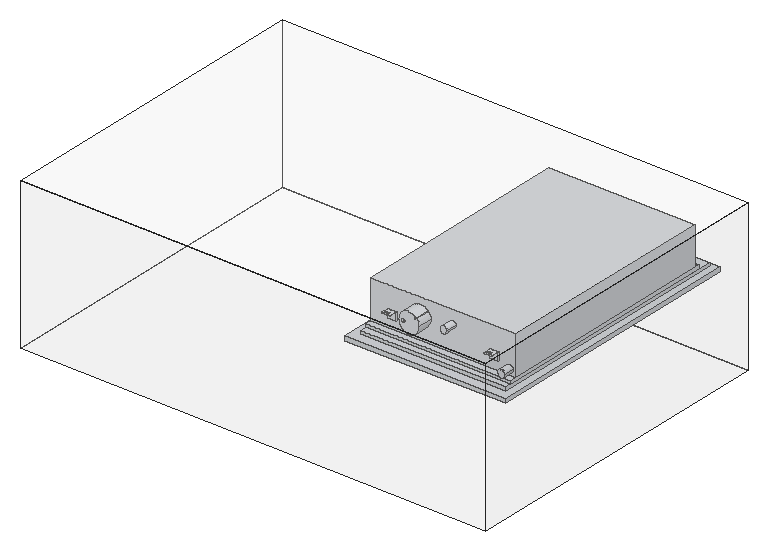
Revit family "pmfy-mp36_80fm_50Hz", category 機械設備, Revit 2019
Family settings
  丸型コネクタ寸法 = 直径を使用
  パーツ タイプ = 標準
  OmniClass 番号 = 23.75.10.24.21.27.27
  OmniClass タイトル = Split System Air Conditioning Units
  作業面ベース = いいえ
  常に垂直 = はい
  ロード時にボイドで切り取り = いいえ
  共有 = いいえ
  部屋計算ポイント = はい
Parameters (values of type "天井1方向_PMFY-MP36FM")
  風量_弱 (㎥/min) = 11
  風量_強 (㎥/min) = 14
  風量_中2 (㎥/min) = 12
  風量_中 (㎥/min) = 13
  風量 = MAX風量  # 840.0 m³/h
  音響パワーレベル_強 (dB) = 53
  音響パワーレベル_弱 (dB) = 47
  音響パワーレベル_中2 (dB) = 49
  音響パワーレベル_中 (dB) = 51
  音響パワーレベル(dB) = [音響パワーレベル_強 (dB)]  # 53
  電源種別 = ""
  電源_H = 60 mm
  電圧 = 200 V
  電動機出力_送風機 = 0.09 kW
  運転質量 = 0.00 kg
  連動 = ""
  質量 = if(製品質量 > 運転質量, 製品質量, 運転質量) * 1.2  # 39.00 kg
  負荷分類 = 3_ファン類
  製品質量_本体 = 26.00 kg
  製品質量_パネル = 6.50 kg
  構成品番 = "PMFY-MP36FM"
  ドレン管径 (外径) = 32.00 mm
  ドレン管径 = 25.00 mm
  サービススペース = yes
  【値が 0 の項目は組合せ形名にてご確認ください】 = ""
  URL = "https://www.mitsubishielectric.co.jp/ldg/wink/ssl/top.do"
  説明 = "ビル用マルチ 天井カセット形(1方向吹出)室内機"
  設計暖房能力 = 0.00 kW
  設計冷房能力_顕熱 = 0 kW
  設計冷房能力 = 0 kW
  設置方法 = "カセット形"
  記号 = ""
  製造元 = "三菱電機株式会社"
  製品質量 = 製品質量_本体 + 製品質量_パネル  # 32.50 kg
  製品出荷対象 = "国内"
  製品リリース年月 = ""
  製品グループ = ""
  系統 = ""
  符号 = "PAC-CK1"
  積算_科目 = "1 空気調和設備"
  積算_拾い区分 [instance] = ""
  相 = 1
  盤記号 = ""
  発停方法 = "付属スイッチ"
  特殊仕様 = ""
  火災停止 = ""
  消費電力_暖房 = 0.06 kW
  消費電力_冷房 = 0.07 kW
  消費電力 = if(消費電力_冷房 > 消費電力_暖房, 消費電力_冷房, 消費電力_暖房)  # 0.07 kW
  法定耐用年数 = "6"
  極数 = 1
  材質 = ""
  本体マテリアル = none
  有効加湿量 = 0
  暖房能力 = 4.00 kW
  推奨ブレーカー容量 = 0 A
  形式_加湿器 = ""
  形式 = "1方向天井カセット形"
  幹線記号 = ""
  始動方式 = "直入"
  呼称 = "パッケージ形空気調和機_室内機"
  周波数 = 50 Hz
  吊り位置Y = 1173 mm
  吊り位置X = 510 mm
  吊りボルト_H = 117 mm
  台数_手元リモコン = ""
  台数_冷媒分岐ユニット = ""
  参照している仕様書等のバージョン = "公共建築工事標準仕様書（機械設備工事編）平成31年度版"
  分類コード = "50053003123030"
  分類グループ = ""
  冷房能力 = 3.6 kW
  冷媒管径符号 = "Ac"
  冷媒管径 = 100.00 mm
  冷媒液管高さ = 171 mm
  冷媒液管長さ = 72 mm
  冷媒液管径 = 6.35 mm
  冷媒ガス管高さ = 141 mm
  冷媒ガス管長さ = 72 mm
  冷媒ガス管径 = 12.70 mm
  企業コード = "108420"
  付属品_フィルター = ""
  付属品 = ""
  仕様書バージョン = "Version1.0"
  Model = ""
  パネルマテリアル = none
  ドレン管高さ = 159 mm
  コメント [instance] = ""
  ケーブル種類 = ""
  ケーブルサイズ = 0 mm
  Width = 724 mm
  Version = ""
  Uniclass2015Version = "Systems v1.9"
  Uniclass2015Title = "Split coil remote air cooled condensing units"
  Uniclass2015Code = "Pr_70_65_03_84"
  SpecificationReference = ""
  SpecificationDescription = ""
  S_H = 230 mm
  Revision = ""
  ProductInformation = ""
  Panel Width = 800 mm
  Panel Height = 20 mm
  Panel Depth = 1340 mm
  OmniClassCode = "23-33 17 13 11"
  MIN風量 = [風量_弱 (㎥/min)] * 60.0 m³/h  # 660.0 m³/h
  MID風量2 = [風量_中2 (㎥/min)] * 60.0 m³/h  # 720.0 m³/h
  MID風量 = [風量_中 (㎥/min)] * 60.0 m³/h  # 780.0 m³/h
  MAX風量 = [風量_強 (㎥/min)] * 60.0 m³/h  # 840.0 m³/h
  IfcTypeProduct = ""
  IfcProduct = ""
  IfcExportType = "AIRCONDITIONINGUNIT"
  IfcExportAs = "IfcUnitaryEquipmentType"
  Height = 225 mm
  Depth = 1112 mm
  価格 = 0
  Clearance Top = 230 mm
  Clearance Right = 20 mm
  Clearance Left = 1500 mm
  Clearance Front = 150 mm
  Clearance Bottom = 500 mm
  Clearance Back = 150 mm
  Author = "三菱電機株式会社"
Types (5, lengths in mm): name | 風量_弱 (㎥/min) | 風量_強 (㎥/min) | 風量_中2 (㎥/min) | 風量_中 (㎥/min) | 風量 | 音響パワーレベル_強 (dB) | 音響パワーレベル_弱 (dB) | 音響パワーレベル_中2 (dB) | 音響パワーレベル_中 (dB) | 音響パワーレベル(dB) | 電源_H | 電動機出力_送風機 | 質量 | 製品質量_本体 | 構成品番 | 製品質量 | 消費電力_暖房 | 消費電力_冷房 | 消費電力 | 暖房能力 | 冷房能力 | 冷媒管径符号 | 冷媒液管径 | 冷媒ガス管径 | MIN風量 | MID風量2 | MID風量 | MAX風量
  天井1方向_PMFY-MP36FM | 11 | 14 | 12 | 13 | 840.0 m³/h | 53 | 47 | 49 | 51 | 53 | 60 | 0.09 kW | 39.00 kg | 26.00 kg | "PMFY-MP36FM" | 32.50 kg | 0.06 kW | 0.07 kW | 0.07 kW | 4.00 kW | 3.6 kW | "Ac" | 6.35 | 12.70 | 660.0 m³/h | 720.0 m³/h | 780.0 m³/h | 840.0 m³/h
  天井1方向_PMFY-MP45FM | 11 | 15 | 12 | 14 | 900.0 m³/h | 54 | 47 | 50 | 52 | 54 | 60 | 0.09 kW | 39.00 kg | 26.00 kg | "PMFY-MP45FM" | 32.50 kg | 0.06 kW | 0.07 kW | 0.07 kW | 5.00 kW | 4.5 kW | "Ac" | 6.35 | 12.70 | 660.0 m³/h | 720.0 m³/h | 840.0 m³/h | 900.0 m³/h
  天井1方向_PMFY-MP56FM | 11 | 16 | 12 | 14 | 960.0 m³/h | 55 | 48 | 50 | 52 | 55 | 60 | 0.09 kW | 39.00 kg | 26.00 kg | "PMFY-MP56FM" | 32.50 kg | 0.07 kW | 0.08 kW | 0.08 kW | 6.30 kW | 5.6 kW | "Ac" | 6.35 | 12.70 | 660.0 m³/h | 720.0 m³/h | 840.0 m³/h | 960.0 m³/h
  天井1方向_PMFY-MP71FM | 14 | 19 | 16 | 17 | 1140.0 m³/h | 56 | 51 | 53 | 54 | 56 | 60 | 0.095 kW | 41.40 kg | 28.00 kg | "PMFY-MP71FM" | 34.50 kg | 0.09 kW | 0.10 kW | 0.10 kW | 8.00 kW | 7.1 kW | "Bd" | 9.52 | 15.88 | 840.0 m³/h | 960.0 m³/h | 1020.0 m³/h | 1140.0 m³/h
  天井1方向_PMFY-MP80FM | 14 | 20 | 16 | 18 | 1200.0 m³/h | 58 | 51 | 53 | 55 | 58 | 0 | 0.095 kW | 41.40 kg | 28.00 kg | "PMFY-MP80FM" | 34.50 kg | 0.09 kW | 0.10 kW | 0.10 kW | 9.00 kW | 8 kW | "Bd" | 9.52 | 15.88 | 840.0 m³/h | 960.0 m³/h | 1080.0 m³/h | 1200.0 m³/h
Reference planes
  plane 1 "中心(正面/背面)": y = 0
  plane 2: z = 0
  plane 3 "中心(左/右)": x = 0
  plane 4: x = -400
  plane 5: x = 400
  plane 6: y = 670
  plane 7: y = -670
  plane 8: z = 225
  plane 9: z = 230
  plane 10: x = -255
  plane 11: x = 255
  plane 12: y = 586.5
  plane 13: y = -586.5
  plane 14: y = 556
  plane 15: y = -556
  plane 16: x = -362
  plane 17: x = 362
  plane 18: x = -1900
  plane 19: x = 420
  plane 20: y = 820
  plane 21: y = -820
  plane 22: z = 230
  plane 23: z = -20
  plane 24: z = -520
Dimensions and locks
  equal spacing: plane 4, plane 3 "中心(左/右)", plane 5
  plane 4 to plane 5 = 800 mm
  equal spacing: plane 7, plane 1 "中心(正面/背面)", plane 6
  plane 4 to plane 10 = 145 mm
  plane 11 to plane 5 = 145 mm
  "S_H": plane 9 to level
  "吊り位置X": plane 10 to plane 11
  equal spacing: plane 10, plane 3 "中心(左/右)", plane 11
  equal spacing: plane 13, plane 1 "中心(正面/背面)", plane 12
  "吊り位置Y": plane 13 to plane 12
  equal spacing: plane 15, plane 1 "中心(正面/背面)", plane 14
  "Depth": plane 15 to plane 14
  equal spacing: plane 16, plane 3 "中心(左/右)", plane 17
  "Width": plane 16 to plane 17
  "Clearance Left": plane 18 to plane 4
  "Clearance Right": plane 5 to plane 19
  "Clearance Back": plane 6 to plane 20
  "Clearance Front": plane 21 to plane 7
  locked: level to plane 23 at 20
  "Clearance Bottom": plane 23 to plane 24
  "Clearance Top": plane 22 to level
  plane 12 to plane 6 = 83.5 mm
  plane 7 to plane 13 = 83.5 mm
  plane 7 to plane 6 = 1340 mm
  "Height": plane 8 to level
  nested 3 to plane 2 = 117 mm
  aligned and locked: level to plane 2
  aligned and locked: plane 10 to nested 2
  aligned and locked: plane 11 to nested 2
  aligned and locked: nested 2 to plane 12
  aligned and locked: plane 13 to nested 2
  aligned and locked: plane 18 to nested 1
  aligned and locked: plane 19 to nested 1
  aligned and locked: nested 1 to plane 21
  aligned and locked: nested 1 to plane 20
  aligned and locked: plane 22 to nested 1
  aligned and locked: plane 24 to nested 1
  aligned and locked: plane 1 "中心(正面/背面)" to nested 3
  aligned and locked: nested 3 to plane 3 "中心(左/右)"
Nested families
  nested 1: "サービススペース" at (-740, 0, -145), visible <- "サービススペース", type "サービススペース"
    with Width 2320 mm, Height 750 mm, Depth 1640 mm
  nested 2: "固定点" at (-255, -586.5, 0), type "固定点"
    with W 510 mm, D 1173 mm
  nested 3: "PM-RP○○FA17" at (0, 0, 0) x (0, -1, 0) z (0, 0, 1), type "PM-RP○○FA17"
    with ユニット表示 yes, 液配管サイズ 6.35 mm, 冷媒液管径-Z 171 mm, 冷媒ガス管径-Z 141 mm, ドレン配管サイズ 32 mm
Connectors
  piping at (47, -613, 159), diameter 25, driven by "ドレン管径"
    settings: on nested 3, index 1, connector inside diameter 609.60 mm, connector length 0 mm, flow factor 0, pipe flow 0.0 L/s, pressure drop 0.0 Pa, fitting loss kfactor 0, connector angle 0.00°, fixture units 0, engagement length 0 mm, angle of deflection 0.00°, flow configuration 1, flow direction 2, fitting loss method 4, system type 16, joint type 0, gender type 0, connector reference index -1, connector utility 0, adjustable connector no, is connector primary yes, connector description ""
  piping at (-113, -628, 141), diameter 100, driven by "冷媒管径", driven by "冷媒管径符号"
    settings: on nested 3, index 2, connector inside diameter 609.60 mm, connector length 0 mm, flow factor 0, pipe flow 0.0 L/s, pressure drop 0.0 Pa, fitting loss kfactor 0, connector angle 0.00°, fixture units 0, engagement length 0 mm, angle of deflection 0.00°, flow configuration 1, flow direction 1, fitting loss method 4, system type 7, joint type 0, gender type 0, connector reference index -1, connector utility 0, adjustable connector no, is connector primary no, connector description "Ac"
  electrical at (330, -606, 60), driven by "極数", driven by "負荷分類", driven by "電圧", driven by "消費電力"
    settings: on nested 3, index 3, voltage 200 V, apparent load 70 VA, apparent load phase1 0 VA, apparent load phase2 0 VA, apparent load phase3 0 VA, power factor 1, load classification "3_ファン類", number of poles 1, system type 30, power factor state 1, is connector primary yes, connector utility no, sub classification motor no, connector description ""
Definition of nested family "サービススペース"
  Parameters (values of type "サービススペース")
    Width [instance] = 500 mm
    Height [instance] = 500 mm
    Depth [instance] = 500 mm
  Reference planes
    plane 1 "中心(正面/背面)": y = 0
    plane 2: z = 0
    plane 3 "中心(左/右)": x = 0
    plane 4: y = -250
    plane 5: x = 250
    plane 6: y = 250
    plane 7: x = -250
    plane 8: z = 250
    plane 9: z = -250
  Forms (mm)
    Extrusion 1, solid
      sketch origin (-638.939, 0, 72.39) x (1, 0, 0) y (0, 1, 0)
        loop
          line (388.939, 250) -> (388.939, -250) -> (888.939, -250) -> (888.939, 250) -> (388.939, 250)
      from -322.39 to 177.61
  Lines and regions (mm)
    symbolic lines
      curve 1: line (-250, 0, 250) -> (250, 0, 250)
      curve 2: line (-250, 0, -250) -> (-250, 0, 250)
      curve 3: line (250, 0, -250) -> (-250, 0, -250)
      curve 4: line (250, 0, 250) -> (250, 0, -250)
      curve 5: line (0, -250, 250) -> (0, 250, 250)
      curve 6: line (0, -250, -250) -> (0, -250, 250)
      curve 7: line (0, 250, -250) -> (0, -250, -250)
      curve 8: line (0, 250, 250) -> (0, 250, -250)
      curve 9: line (-250, 250, 0) -> (250, 250, 0)
      curve 10: line (-250, -250, 0) -> (-250, 250, 0)
      curve 11: line (250, -250, 0) -> (-250, -250, 0)
      curve 12: line (250, 250, 0) -> (250, -250, 0)
  Dimensions and locks
    equal spacing: plane 7, plane 3 "中心(左/右)", plane 5
    equal spacing: plane 4, plane 1 "中心(正面/背面)", plane 6
    "Depth": plane 4 to plane 6
    "Width": plane 7 to plane 5
    equal spacing: plane 8, plane 2, plane 9
    "Height": plane 8 to plane 9
    aligned and locked: plane 9 to curve 3
    aligned and locked: plane 7 to curve 2
    aligned and locked: curve 4 to plane 5
    aligned and locked: plane 5 to Extrusion 1
    aligned and locked: Extrusion 1 to plane 7
    aligned and locked: Extrusion 1 to plane 9
    aligned and locked: plane 8 to Extrusion 1
    aligned and locked: plane 9 to curve 7
  Automatic sketch dimensions
    plane 4 to Extrusion 1 sketch curve = 0 mm
    Extrusion 1 sketch curve to plane 7 = 0 mm
    Extrusion 1 sketch curve to plane 5 = 0 mm
    plane 6 to Extrusion 1 sketch curve = 0 mm
    curve 2 to plane 8 = 0 mm
    plane 4 to curve 11 = 0 mm
    curve 11 to plane 7 = 0 mm
    curve 11 to plane 5 = 0 mm
    plane 6 to curve 10 = 0 mm
    curve 7 to plane 4 = 0 mm
    curve 7 to plane 6 = 0 mm
    curve 6 to plane 8 = 0 mm
Definition of nested family "PM-RP○○FA17"
  Parameters (values of type "PM-RP○○FA17")
    配線取出口サイズ = 36 mm
    配線取出口-Z = 60 mm
    配線取出口-Y = 32 mm
    配線取出口-X = 50 mm
    液配管サイズ = 6.4 mm
    冷媒ガス管径-Z2 = 141 mm
    冷媒ガス管径-Z1 = 171 mm
    A = 幅さ + 228 mm  # 1340 mm
    高さ = 225 mm
    奥行き = 724 mm
    吊りボルト_H = 117 mm
    冷媒配管 = 100 mm
    冷媒液管径-Z = 156 mm
    冷媒液管径-Y = 445 mm
    冷媒液管径-X = 72 mm
    冷媒ガス管径-Z = 156 mm
    冷媒ガス管径-Y = 505 mm
    冷媒ガス管径-X = 72 mm
    ユニット表示 [instance] = yes
    ボルトピッチ = 510 mm
    ドレン配管サイズ = 25 mm
    ドレン管径-Z = 159 mm
    ドレン管径-Y = 315 mm
    ドレン管径-X = 57 mm
    ガス配管サイズ = 12.7 mm
    D = 幅さ + 61 mm  # 1173 mm
    幅さ = 1112 mm
    B = 幅さ + 188 mm  # 1300 mm
  Reference planes
    plane 1 "中心(正面/背面)": y = 0
    plane 2: z = 0
    plane 3 "中心(左/右)": x = 0
    plane 4: x = -670
    plane 5: x = 670
    plane 6: y = 400
    plane 7: y = -400
    plane 8: z = 225
    plane 9: z = -20
    plane 10: x = -556
    plane 11: x = 556
    plane 12: y = 362
    plane 13: y = -362
    plane 14: z = 16
    plane 15: x = -650
    plane 16: x = 650
    plane 17: x = 586.5
    plane 18: x = -586.5
    plane 19: z = 32
    plane 20: x = 620
    plane 21: y = 255
    plane 22: y = -255
    plane 23: x = 628
    plane 24: y = -143
    plane 25: z = 156
    plane 26: x = 628
    plane 27: y = -83
    plane 28: x = 613
    plane 29: y = 47
    plane 30: z = 159
    plane 31: x = 606
    plane 32: y = 330
    plane 33: z = 60
    plane 34: z = 117
    plane 35: z = 115
    plane 36: z = 75
    plane 37: y = 275
    plane 38: y = 235
    plane 39: y = -235
    plane 40: y = -275
    plane 41: y = 260
    plane 42: y = 250
    plane 43: y = -250
    plane 44: y = -260
    plane 45: x = -596
    plane 46: x = 596
    plane 47: x = -558
    plane 48: x = 558
    plane 49: z = 141
    plane 50: z = 171
  Forms (mm)
    Extrusion 1, solid, visible <- "ユニット表示", detail levels fine
      sketch origin (0, 0, 0) x (1, 0, 0) y (0, 1, 0)
        loop
          line (-556, 362) -> (-556, -362) -> (556, -362) -> (556, 362) -> (-556, 362)
      from 32 to 225
    Extrusion 2, solid, visible <- "ユニット表示", detail levels fine
      sketch origin (-1437.329, -1524, 16) x (-1, 0, 0) y (0, -1, 0)
        loop
          line (-850.829, -1886) -> (-850.829, -1162) -> (-2023.829, -1162) -> (-2023.829, -1886) -> (-850.829, -1886)
      from 0 to 16
    Extrusion 3, solid, visible <- "ユニット表示", detail levels fine
      sketch origin (-1437.329, -1524, 16) x (-1, 0, 0) y (0, -1, 0)
        loop
          line (-787.329, -1886) -> (-787.329, -1162) -> (-2057.329, -1162) -> (-2057.329, -1886) -> (-787.329, -1886)
      from 0 to -16
    Extrusion 4, solid, visible <- "ユニット表示", detail levels fine
      sketch origin (556, 1296.25, 1200) x (0, 1, 0) y (0, 0, 1)
        loop
          circle (-1439.25, -1059) r 6.35
      from 0 to 72
    Extrusion 5, solid, visible <- "ユニット表示", detail levels fine
      sketch origin (556, 1296.25, 1200) x (0, 1, 0) y (0, 0, 1)
        loop
          circle (-1379.25, -1029) r 3.2
      from 0 to 72
    Extrusion 6, solid, visible <- "ユニット表示", detail levels fine
      sketch origin (556, 1296.25, 1200) x (0, 1, 0) y (0, 0, 1)
        loop
          circle (-1249.25, -1041) r 12.5
      from 0 to 57
    Extrusion 7, solid, visible <- "ユニット表示", detail levels fine
      sketch origin (556, 1296.25, 1200) x (0, 1, 0) y (0, 0, 1)
        loop
          circle (-966.25, -1140) r 18
      from 0 to 50
    Extrusion 8, solid, visible <- "ユニット表示", detail levels fine
      sketch origin (556, 1306.25, 1200) x (0, 1, 0) y (0, 0, 1)
        loop
          circle (-1419.25, -1044) r 50
      from 0 to 72
    Extrusion 9, solid, visible <- "ユニット表示"
      sketch origin (0, 0, 0) x (1, 0, 0) y (0, 1, 0)
        loop
          line (-670, 400) -> (-670, -400) -> (670, -400) -> (670, 400) -> (-670, 400)
      from 0 to -20
    Extrusion 10, solid, visible <- "ユニット表示", detail levels fine
      sketch origin (0, 0, 0) x (1, 0, 0) y (0, 1, 0)
        loop
          line (-581.5, 260) -> (-581.5, 250)
          arc (-581.5, 250) -> (-586.5, 245) -> (-591.5, 250) r 5
          line (-591.5, 250) -> (-596, 250) -> (-596, 235) -> (-556, 235) -> (-556, 275) -> (-596, 275) -> (-596, 260) -> (-591.5, 260)
          arc (-591.5, 260) -> (-586.5, 265) -> (-581.5, 260) r 5
        loop
          arc (581.5, 260) -> (586.5, 265) -> (591.5, 260) r 5
          line (591.5, 260) -> (596, 260) -> (596, 275) -> (556, 275) -> (556, 235) -> (596, 235) -> (596, 250) -> (591.5, 250)
          arc (591.5, 250) -> (586.5, 245) -> (581.5, 250) r 5
          line (581.5, 250) -> (581.5, 260)
        loop
          line (581.5, -260) -> (581.5, -250)
          arc (581.5, -250) -> (586.5, -245) -> (591.5, -250) r 5
          line (591.5, -250) -> (596, -250) -> (596, -235) -> (556, -235) -> (556, -275) -> (596, -275) -> (596, -260) -> (591.5, -260)
          arc (591.5, -260) -> (586.5, -265) -> (581.5, -260) r 5
        loop
          arc (-581.5, -260) -> (-586.5, -265) -> (-591.5, -260) r 5
          line (-591.5, -260) -> (-596, -260) -> (-596, -275) -> (-556, -275) -> (-556, -235) -> (-596, -235) -> (-596, -250) -> (-591.5, -250)
          arc (-591.5, -250) -> (-586.5, -245) -> (-581.5, -250) r 5
          line (-581.5, -250) -> (-581.5, -260)
      from 115 to 117
    Extrusion 11, solid, visible <- "ユニット表示", detail levels fine
      sketch origin (0, 0, 0) x (1, 0, 0) y (0, 1, 0)
        loop
          line (-558, 275) -> (-558, 235) -> (-556, 235) -> (-556, 275) -> (-558, 275)
        loop
          line (556, 275) -> (556, 235) -> (558, 235) -> (558, 275) -> (556, 275)
        loop
          line (556, -235) -> (556, -275) -> (558, -275) -> (558, -235) -> (556, -235)
        loop
          line (-558, -235) -> (-558, -275) -> (-556, -275) -> (-556, -235) -> (-558, -235)
      from 75 to 115
  Dimensions and locks
    equal spacing: plane 7, plane 1 "中心(正面/背面)", plane 6
    plane 7 to plane 6 = 800 mm
    equal spacing: plane 4, plane 3 "中心(左/右)", plane 5
    "A": plane 4 to plane 5
    locked: level to plane 9 at 20
    equal spacing: plane 13, plane 1 "中心(正面/背面)", plane 12
    "奥行き": plane 13 to plane 12
    equal spacing: plane 10, plane 3 "中心(左/右)", plane 11
    "幅さ": plane 10 to plane 11
    locked: plane 14 to level at 16
    equal spacing: plane 15, plane 3 "中心(左/右)", plane 16
    "B": plane 15 to plane 16
    equal spacing: plane 18, plane 3 "中心(左/右)", plane 17
    "D": plane 18 to plane 17
    equal spacing: plane 22, plane 1 "中心(正面/背面)", plane 21
    "ボルトピッチ": plane 22 to plane 21
    "冷媒ガス管径-X": plane 11 to plane 23
    "冷媒ガス管径-Y": plane 24 to plane 12
    "冷媒液管径-X": plane 11 to plane 26
    "冷媒液管径-Y": plane 27 to plane 12
    "ドレン管径-X": plane 11 to plane 28
    "ドレン管径-Y": plane 29 to plane 12
    "配線取出口-X": plane 11 to plane 31
    "配線取出口-Y": plane 32 to plane 12
    "配線取出口-Z": plane 33 to level
    "ドレン管径-Z": plane 30 to level
    "冷媒ガス管径-Z": plane 25 to level
    locked: plane 35 to plane 36 at 40
    locked: plane 34 to plane 35 at 2
    "吊りボルト_H": plane 34 to level
    plane 40 to plane 22 to plane 39 = 20 mm locked, 20 mm locked
    plane 38 to plane 21 to plane 37 = 20 mm locked, 20 mm locked
    plane 44 to plane 22 to plane 43 = 5 mm locked, 5 mm locked
    plane 42 to plane 21 to plane 41 = 5 mm locked, 5 mm locked
    locked: plane 45 to plane 10 at 40
    locked: plane 11 to plane 46 at 40
    locked: plane 11 to plane 48 at 2
    locked: plane 47 to plane 10 at 2
    plane 16 to plane 15 = 1300 mm
    plane 4 to plane 15 = 20 mm
    plane 15 to plane 10 = 94 mm
    plane 11 to plane 16 = 94 mm
    plane 12 to plane 6 = 38 mm
    locked: plane 19 to plane 14 at 16
    "高さ": plane 8 to level
    equal spacing: plane 24, Extrusion 8 sketch curve, plane 27
    plane 7 to plane 13 = 38 mm
    plane 16 to plane 5 = 20 mm
    "冷媒ガス管径-Z2": plane 49 to level
    "冷媒ガス管径-Z1": plane 50 to level
    "ガス配管サイズ": diameter of Extrusion 4 sketch curve
    "液配管サイズ": diameter of Extrusion 5 sketch curve
    "配線取出口サイズ": diameter of Extrusion 7 sketch curve
    "冷媒配管": diameter of Extrusion 8 sketch curve
    "ドレン配管サイズ": diameter of Extrusion 6 sketch curve
    aligned and locked: level to plane 2
    aligned and locked: plane 12 to Extrusion 1 sketch curve
    aligned and locked: plane 10 to Extrusion 1 sketch curve
    aligned and locked: Extrusion 1 sketch curve to plane 13
    aligned and locked: Extrusion 1 sketch curve to plane 11
    aligned and locked: plane 8 to Extrusion 1
    aligned and locked: plane 12 to Extrusion 2 sketch curve
    aligned and locked: plane 18 to Extrusion 2 sketch curve
    aligned and locked: Extrusion 2 sketch curve to plane 13
    aligned and locked: Extrusion 2 sketch curve to plane 17
    aligned and locked: plane 19 to Extrusion 2
    aligned and locked: Extrusion 1 to Extrusion 2
    aligned and locked: plane 12 to Extrusion 3 sketch curve
    aligned and locked: Extrusion 3 sketch curve to plane 13
    aligned and locked: Extrusion 3 sketch curve to plane 20
    aligned and locked: Extrusion 3 to level
    aligned and locked: plane 14 to Extrusion 3
    aligned and locked: plane 24 to Extrusion 4 sketch curve
    aligned and locked: Extrusion 4 to plane 11
    aligned and locked: plane 23 to Extrusion 4
    aligned and locked: plane 27 to Extrusion 5 sketch curve
    aligned and locked: plane 26 to Extrusion 5
    aligned and locked: Extrusion 5 to plane 11
    aligned and locked: plane 30 to Extrusion 6 sketch curve
    aligned and locked: plane 29 to Extrusion 6 sketch curve
    aligned and locked: Extrusion 6 to plane 11
    aligned and locked: plane 28 to Extrusion 6
    aligned and locked: plane 33 to Extrusion 7 sketch curve
    aligned and locked: plane 32 to Extrusion 7 sketch curve
    aligned and locked: Extrusion 7 to plane 11
    aligned and locked: plane 31 to Extrusion 7
    aligned and locked: plane 25 to Extrusion 8 sketch curve
    aligned and locked: Extrusion 8 to plane 11
    aligned and locked: plane 26 to Extrusion 8
    aligned and locked: level to Extrusion 9
    aligned and locked: Extrusion 9 to plane 9
    aligned and locked: Extrusion 10 sketch curve to plane 10
    aligned and locked: plane 34 to Extrusion 10
    aligned and locked: Extrusion 10 to plane 35
    aligned and locked: plane 37 to Extrusion 10 sketch curve
    aligned and locked: plane 45 to Extrusion 10 sketch curve  (x2)
    aligned and locked: Extrusion 10 sketch curve to plane 38
    aligned and locked: Extrusion 10 sketch curve to plane 42
    aligned and locked: Extrusion 10 sketch curve to plane 41
    aligned and locked: plane 41 to Extrusion 10 sketch curve  (x3)
    aligned and locked: plane 42 to Extrusion 10 sketch curve  (x3)
    aligned and locked: plane 18 to Extrusion 10 sketch curve  (x4)
    aligned and locked: plane 10 to Extrusion 10 sketch curve
    aligned and locked: Extrusion 10 sketch curve to plane 39
    aligned and locked: plane 40 to Extrusion 10 sketch curve
    aligned and locked: plane 44 to Extrusion 10 sketch curve  (x3)
    aligned and locked: plane 43 to Extrusion 10 sketch curve  (x3)
    aligned and locked: Extrusion 10 sketch curve to plane 43
    aligned and locked: Extrusion 10 sketch curve to plane 44
    aligned and locked: Extrusion 10 sketch curve to plane 45  (x2)
    aligned and locked: plane 11 to Extrusion 10 sketch curve
    aligned and locked: Extrusion 10 sketch curve to plane 46  (x2)
    aligned and locked: plane 17 to Extrusion 10 sketch curve  (x4)
    aligned and locked: Extrusion 10 sketch curve to plane 40
    aligned and locked: plane 39 to Extrusion 10 sketch curve
    aligned and locked: plane 46 to Extrusion 10 sketch curve  (x2)
    aligned and locked: plane 38 to Extrusion 10 sketch curve
    aligned and locked: Extrusion 10 sketch curve to plane 11
    aligned and locked: Extrusion 10 sketch curve to plane 37
    aligned and locked: plane 37 to Extrusion 11 sketch curve
    aligned and locked: plane 47 to Extrusion 11 sketch curve  (x2)
    aligned and locked: Extrusion 11 sketch curve to Extrusion 10  (x8)
    aligned and locked: Extrusion 11 sketch curve to plane 38
    aligned and locked: Extrusion 11 sketch curve to plane 48  (x2)
    aligned and locked: Extrusion 11 sketch curve to plane 40
    aligned and locked: plane 39 to Extrusion 11 sketch curve
    aligned and locked: Extrusion 11 to Extrusion 10
    aligned and locked: Extrusion 11 to plane 36
    aligned and locked: plane 49 to Extrusion 4 sketch curve
    aligned and locked: plane 50 to Extrusion 5 sketch curve
  Automatic sketch dimensions
    Extrusion 9 sketch curve to plane 4 = 0 mm
    Extrusion 9 sketch curve to plane 5 = 0 mm
    plane 7 to Extrusion 9 sketch curve = 0 mm
    plane 6 to Extrusion 9 sketch curve = 0 mm
    Extrusion 10 sketch curve to plane 18 = 5 mm  (x2)
    Extrusion 10 sketch curve to plane 17 = 5 mm  (x2)
    Extrusion 3 sketch curve to plane 15 = 0 mm
Definition of nested family "固定点"
  Parameters (values of type "固定点")
    中心円 = 20 mm
    W [instance] = 1000 mm
    D [instance] = 1000 mm
  Reference planes
    plane 1 "中心(正面/背面)": y = 0
    plane 2: z = 0
    plane 3 "中心(左/右)": x = 0
    plane 4: x = 1000
    plane 5: y = 1000
  Lines and regions (mm)
    symbolic lines, detail levels fine
      curve 1: circle (0, 1000, 0) r 10 normal (0, 0, 1)
      curve 2: circle (0, 0, 0) r 10 normal (0, 0, 1)
      curve 3: circle (1000, 1000, 0) r 10 normal (0, 0, 1)
      curve 4: circle (1000, 0, 0) r 10 normal (0, 0, 1)
      curve 5: line (-200, 1000, 0) -> (1200, 1000, 0)
      curve 6: line (-200, 0, 0) -> (1200, 0, 0)
      curve 7: line (0, 1200, 0) -> (0, -200, 0)
      curve 8: line (1000, 1200, 0) -> (1000, -200, 0)
  Dimensions and locks
    "W": plane 3 "中心(左/右)" to plane 4
    "D": plane 1 "中心(正面/背面)" to plane 5
    "中心円": diameter of curve 1
    "中心円": diameter of curve 2
    "中心円": diameter of curve 3
    "中心円": diameter of curve 4
    aligned and locked: level to plane 2
    aligned and locked: plane 5 to curve 1
    aligned and locked: plane 3 "中心(左/右)" to curve 1
    aligned and locked: plane 3 "中心(左/右)" to curve 2
    aligned and locked: plane 1 "中心(正面/背面)" to curve 2
    aligned and locked: plane 4 to curve 3
    aligned and locked: plane 5 to curve 3
    aligned and locked: plane 1 "中心(正面/背面)" to curve 4
    aligned and locked: plane 4 to curve 4
    aligned and locked: plane 1 "中心(正面/背面)" to curve 6
    aligned and locked: curve 7 to plane 3 "中心(左/右)"
    aligned and locked: curve 8 to plane 4
  Automatic sketch dimensions
    curve 5 to plane 5 = 0 mm
    curve 6 to plane 3 "中心(左/右)" = 200 mm
    curve 5 to plane 3 "中心(左/右)" = 200 mm
    curve 4 to curve 6 = 200 mm
    curve 3 to curve 5 = 200 mm
    plane 1 "中心(正面/背面)" to curve 8 = 200 mm
    plane 1 "中心(正面/背面)" to curve 7 = 200 mm
    curve 3 to curve 8 = 200 mm
    curve 1 to curve 7 = 200 mm
